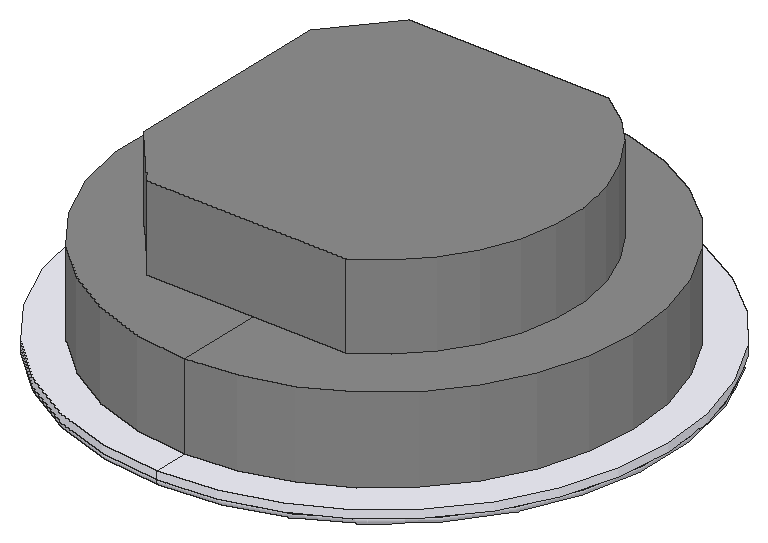
Revit family "BL2 FP Sans hôte", category Dispositifs d'éclairage, Revit 2019
Family settings
  Conserver l'orientation des annotations = Non
  Cote de connecteur circulaire = Utiliser le diamètre
  Type d'élément = Normal
  Basée sur le plan de construction = Oui
  Toujours verticalement = Oui
  Couper avec des vides une fois chargée = Non
  Partagée = Non
  Point de calcul de pièce = Non
Parameters (values of type "BL2 FP réf 93317")
  Portée frontale [instance] = Position en hauteur * 1.92  # 480 cm
  Portée de biais [instance] = Position en hauteur * 3.2  # 800 cm
  Hauteur de montage max préconisée [instance] = Hauteur de montage max  # 300 cm
  Hauteur de montage max = 300 cm
  Activitée assise [instance] = Position en hauteur * 1.28  # 320 cm
  Zone de detection [instance] = no
  URL = "http://www.luxomat.com"
  Type de Sortie = "TOR"
  Température ambiante = "-25°C at +50°C"
  Référence = "93317"
  Relais = "4.3 A"
  Position en hauteur [instance] = 250 cm
  Mode de pose = "Faux Plafond"
  Etiquette [instance] = yes
  Modèle = "BL2 FP"
  Marque = "LUXOMAT"
  Image du type = 360°.jpg
  IP = "20 ou 23"
  Fabricant = "B.E.G."
  Default Elevation = 0 cm
  Consommation = "0.30 W"
  Commentaires du type = "DET.MOUV.1 CONTACT.360°/Ø8M FAUX PLAFOND"
  Code d'assemblage = "D5010200"
  Classe = "II"
  Charge LED = "200 W"
  Charge Cos ɸ =1 = "1000 W"
  Charge Cos ɸ =0.5 = "500 VA"
  Zone assise [instance] = Position en hauteur < 300.1 cm  # yes
  Alimentation = "110-240 V AC"
Reference planes (cm)
  plane 1 "Centre (avant/arrière)": y = 0
  plane 2: z = 0
  plane 3 "Centre (gauche/droite)": x = 0
Dimensions and locks (cm)
  aligned and locked: level to plane 2
  aligned and locked: nested 3 to plane 3 "Centre (gauche/droite)"
  aligned and locked: nested 3 to plane 1 "Centre (avant/arrière)"
  aligned and locked: plane 3 "Centre (gauche/droite)" to nested 4
  aligned and locked: level to nested 4
  aligned and locked: plane 1 "Centre (avant/arrière)" to nested 4
Nested families (cm)
  nested 1: "Famille4" at (3.75, -61.4506, 0), visible <- "Etiquette", référence <- "Référence", modèle <- "Modèle", type "Famille4"
    with référence "93317", modèle "BL2 FP"
  nested 2: "Plafond 360° 2D" at (0, 0, 0), type "Plafond 360° 2D"
  nested 3: "zone BL2" at (0, 0, 0), visible <- "Zone de detection", activité assise <- "Activitée assise", biais <- "Portée de biais", frontal <- "Portée frontale", Zone assise <- "Zone assise", type "zone BL2"
    with position 2 192 cm, position 1 320 cm, frontal 480 cm, biais 800 cm, activité assise 320 cm, Zone assise yes
  nested 4: "Modèle BL2 FP" at (0, 0, 0), type "Standard"
Connectors (cm)
  electrical at (0, 0, 0)
    settings: index 1, voltage 230 V, apparent load 0 VA, apparent load phase1 0 VA, apparent load phase2 0 VA, apparent load phase3 0 VA, power factor 1, load classification "Eclairage", number of poles 1, system type 31, power factor state 1, is connector primary yes, connector utility no, sub classification motor no, connector description ""
Definition of nested family "Modèle BL2 FP"
  Parameters (values of type "Standard")
    d98 = 0 cm
    d106 = 0 cm
  Reference planes (cm)
    plane 1 "Centre (avant/arrière)": y = 0
    plane 2: z = 0
    plane 3 "Centre (gauche/droite)": x = 0
    plane 4: x = 0
  Forms (cm)
    Revolve 1, solid
      sketch origin (0, 0, 0) x (0, -1, 0) y (0, 0, -1)
        loop
          line (-4, 0.1124) -> (-4, 0) -> (0, 0) -> (0, 0.3938) -> (-2.25, 0.3938) -> (-3.9132, 0.2116)
          arc (-3.9132, 0.2116) -> (-3.9752, 0.1783) -> (-4, 0.1124) r 0.1
        axis (0, 0.3938) -> (0, 0)
      angle from 0 to 360
    Revolve 2, solid
      sketch origin (0, 0, 0) x (0, -1, 0) y (0, 0, -1)
        loop
          line (0, 0.3938) -> (0, 1.8938)
          arc (0, 1.8938) -> (-1.3614, 1.4983) -> (-2.25, 0.3938) r 2.3582
          line (-2.25, 0.3938) -> (0, 0.3938)
        axis (0, 1.8938) -> (0, 0.3938)
      angle from 0 to 360
    Revolve 3, solid
      sketch origin (0, 0, 0) x (0, -1, 0) y (0, 0, -1)
        loop
          line (0, 0) -> (-3.5, 0) -> (-3.5, -1.2) -> (0, -1.2) -> (0, 0)
        axis (0, 0) -> (0, -1.2)
      angle from 0 to 360
    Extrusion 4, solid
      sketch origin (0, 3.2, 1.7) x (1, 0, 0) y (0, 1, 0)
        loop
          line (-1.5, -5.5) -> (1.3, -5.5)
          arc (1.3, -5.5) -> (2.6338, -3.2) -> (1.3, -0.9) r 2.65
          line (1.3, -0.9) -> (-1.5, -0.9) -> (-2.2, -1.7342) -> (-2.2, -4.6658) -> (-1.5, -5.5)
      from -0.5 to 0.685
    Revolve 5, solid, not visible
      sketch origin (0, 0, 0) x (0, -1, 0) y (0, 0, 1)
        loop
          line (-4, 0.1124) -> (-4, 0) -> (0, 0) -> (0, 0.3938) -> (-2.25, 0.3938) -> (-3.9132, 0.2116)
          arc (-3.9132, 0.2116) -> (-3.9752, 0.1783) -> (-4, 0.1124) r 0.1
        axis (0, 0.3938) -> (0, 0)
      angle from 0 to 360
    Revolve 6, solid, not visible
      sketch origin (0, 0, 0) x (0, -1, 0) y (0, 0, 1)
        loop
          line (0, 0.3938) -> (0, 1.8938)
          arc (0, 1.8938) -> (-1.3614, 1.4983) -> (-2.25, 0.3938) r 2.3582
          line (-2.25, 0.3938) -> (0, 0.3938)
        axis (0, 1.8938) -> (0, 0.3938)
      angle from 0 to 360
    Revolve 7, solid, not visible
      sketch origin (0, 0, 0) x (0, -1, 0) y (0, 0, 1)
        loop
          line (0, 0) -> (-3.5, 0) -> (-3.5, -1.2) -> (0, -1.2) -> (0, 0)
        axis (0, 0) -> (0, -1.2)
      angle from 0 to 360
    Extrusion 8, solid, not visible
      sketch origin (0, 3.2, -1.7) x (0, 1, 0) y (1, 0, 0)
        loop
          line (-5.5, 1.5) -> (-5.5, -1.3)
          arc (-5.5, -1.3) -> (-3.2, -2.6338) -> (-0.9, -1.3) r 2.65
          line (-0.9, -1.3) -> (-0.9, 1.5) -> (-1.7342, 2.2) -> (-4.6658, 2.2) -> (-5.5, 1.5)
      from -0.5 to 0.685
  Cuts and joins
    joined: Revolve 3, Extrusion 4
  Lines and regions (cm)
    reference lines
      curve 1: line (0, 0, -0.6) -> (0, 0, 1.4186)
      curve 2: line (0, 0, -0.6) -> (0, 2.2, -0.6)
      curve 3: arc (0, 2.2, -0.6) -> (0, 3.1429, -0.5045) -> (0, 4, -0.1) r 2.8
      curve 4: line (0, 4, 0) -> (0, 4, -0.1)
      curve 5: line (0, 0, 0) -> (0, 4, 0)
      curve 6: arc (0, 0, -1.5) -> (0, 1.1885, -1.2663) -> (0, 2.2, -0.6) r 3.1389
      curve 7: line (0, 2.2, -0.6) -> (0, 0, -0.6)
      curve 8: line (0, 0, -0.6) -> (0, 0, -1.5)
      curve 9: line (0, 0, 1.7) -> (0, 0, 0)
      curve 10: line (0, 0, 0) -> (0, 3.2, 0)
      curve 11: line (0, 3.2, 0) -> (0, 3.2, 1.7)
      curve 12: line (0, 3.2, 1.7) -> (0, 0, 1.7)
      curve 13: line (0, 0, 0) -> (0, 0, 2.9479)
      curve 14: line (-1.5, -2.3, 1.7) -> (-2.2, -1.4658, 1.7)
      curve 15: line (-2.2, -1.4658, 1.7) -> (-2.2, 1.4658, 1.7)
      curve 16: line (-2.2, 1.4658, 1.7) -> (-1.5, 2.3, 1.7)
      curve 17: line (-1.5, 2.3, 1.7) -> (1.3, 2.3, 1.7)
      curve 18: arc (1.3, -2.3, 1.7) -> (2.6338, 0, 1.7) -> (1.3, 2.3, 1.7) r 2.65
      curve 19: line (-1.5, -2.3, 1.7) -> (1.3, -2.3, 1.7)
      curve 20: line (-0.4013, -0.3773, 2.385) -> (-0.4013, 2.3, 2.385)
      curve 21: line (-0.4013, 2.3, 2.385) -> (0.3987, 2.3, 2.385)
      curve 22: line (0.3987, 2.3, 2.385) -> (0.3987, 0.2597, 2.385)
      curve 23: line (1.2331, 0.2597, 2.385) -> (0.3987, 0.2597, 2.385)
      curve 24: line (1.2331, -2.3, 2.385) -> (1.2331, 0.2597, 2.385)
      curve 25: line (0.4331, -2.3, 2.385) -> (1.2331, -2.3, 2.385)
      curve 26: line (0.4331, -0.3773, 2.385) -> (0.4331, -2.3, 2.385)
      curve 27: line (0.4331, -0.3773, 2.385) -> (-0.4013, -0.3773, 2.385)
    reference lines, not visible
      curve 28: line (0, 0, 0.6) -> (0, 0, -1.4186)
      curve 29: line (0, 0, 0.6) -> (0, 2.2, 0.6)
      curve 30: arc (0, 2.2, 0.6) -> (0, 3.1429, 0.5045) -> (0, 4, 0.1) r 2.8
      curve 31: line (0, 4, 0) -> (0, 4, 0.1)
      curve 32: line (0, 0, 0) -> (0, 4, 0)
      curve 33: arc (0, 0, 1.5) -> (0, 1.1885, 1.2663) -> (0, 2.2, 0.6) r 3.1389
      curve 34: line (0, 2.2, 0.6) -> (0, 0, 0.6)
      curve 35: line (0, 0, 0.6) -> (0, 0, 1.5)
      curve 36: line (0, 0, -1.7) -> (0, 0, 0)
      curve 37: line (0, 0, 0) -> (0, 3.2, 0)
      curve 38: line (0, 3.2, 0) -> (0, 3.2, -1.7)
      curve 39: line (0, 3.2, -1.7) -> (0, 0, -1.7)
      curve 40: line (0, 0, 0) -> (0, 0, -2.9479)
      curve 41: line (1.5, -2.3, -1.7) -> (2.2, -1.4658, -1.7)
      curve 42: line (2.2, -1.4658, -1.7) -> (2.2, 1.4658, -1.7)
      curve 43: line (2.2, 1.4658, -1.7) -> (1.5, 2.3, -1.7)
      curve 44: line (1.5, 2.3, -1.7) -> (-1.3, 2.3, -1.7)
      curve 45: arc (-1.3, -2.3, -1.7) -> (-2.6338, 0, -1.7) -> (-1.3, 2.3, -1.7) r 2.65
      curve 46: line (1.5, -2.3, -1.7) -> (-1.3, -2.3, -1.7)
      curve 47: line (0.4013, -0.3773, -2.385) -> (0.4013, 2.3, -2.385)
      curve 48: line (0.4013, 2.3, -2.385) -> (-0.3987, 2.3, -2.385)
      curve 49: line (-0.3987, 2.3, -2.385) -> (-0.3987, 0.2597, -2.385)
      curve 50: line (-1.2331, 0.2597, -2.385) -> (-0.3987, 0.2597, -2.385)
      curve 51: line (-1.2331, -2.3, -2.385) -> (-1.2331, 0.2597, -2.385)
      curve 52: line (-0.4331, -2.3, -2.385) -> (-1.2331, -2.3, -2.385)
      curve 53: line (-0.4331, -0.3773, -2.385) -> (-0.4331, -2.3, -2.385)
      curve 54: line (-0.4331, -0.3773, -2.385) -> (0.4013, -0.3773, -2.385)
  Dimensions and locks (cm)
    aligned and locked: level to plane 2
    aligned and locked: Revolve 1 sketch curve to curve 4
    aligned and locked: Revolve 1 sketch curve to curve 5
    aligned and locked: curve 1 to Revolve 1 sketch curve
    aligned and locked: Revolve 3 sketch curve to curve 10
    aligned and locked: Revolve 3 sketch curve to curve 13
    aligned and locked: Extrusion 4 sketch curve to curve 14
    aligned and locked: Extrusion 4 sketch curve to curve 15
    aligned and locked: Extrusion 4 sketch curve to curve 16
    aligned and locked: Extrusion 4 sketch curve to curve 17
    aligned and locked: Extrusion 4 sketch curve to curve 18
    aligned and locked: Extrusion 4 sketch curve to curve 19
    aligned and locked: Revolve 3 to Extrusion 4
    aligned and locked: Revolve 5 sketch curve to curve 31
    aligned and locked: Revolve 5 sketch curve to curve 32
    aligned and locked: curve 28 to Revolve 5 sketch curve
    aligned and locked: Revolve 7 sketch curve to curve 37
    aligned and locked: Revolve 7 sketch curve to curve 40
    aligned and locked: Extrusion 8 sketch curve to curve 41
    aligned and locked: Extrusion 8 sketch curve to curve 42
    aligned and locked: Extrusion 8 sketch curve to curve 43
    aligned and locked: Extrusion 8 sketch curve to curve 44
    aligned and locked: Extrusion 8 sketch curve to curve 45
    aligned and locked: Extrusion 8 sketch curve to curve 46
Definition of nested family "Famille4"
  Parameters (values of type "Famille4")
    référence [instance] = ""
    modèle [instance] = ""
  Reference planes (cm)
    plane 1: y = 0
    plane 2: x = 0
  Text (cm)
    label "référence\nmodèle" at (-0.0547, 0.0091, 0), shows "référence", "modèle"
Definition of nested family "Plafond 360° 2D"
  Reference planes (cm)
    plane 1: y = 0
    plane 2: x = 0
  Lines and regions (cm)
    Filled region 1, type "rouge"
      outline origin (0, 0, 0) x (1, 0, 0) y (0, 1, 0)
        loop
          circle (0, 0) r 0.0294
    detail lines
      curve 1: arc (-0.1732, 0.1, 0) -> (-0.2, 0, 0) -> (-0.1732, -0.1, 0) r 0.2
      curve 2: arc (-0.1, -0.1732, 0) -> (0, -0.2, 0) -> (0.1, -0.1732, 0) r 0.2
      curve 3: arc (0.1732, -0.1, 0) -> (0.2, 0, 0) -> (0.1732, 0.1, 0) r 0.2
      curve 4: arc (0.1, 0.1732, 0) -> (0, 0.2, 0) -> (-0.1, 0.1732, 0) r 0.2
      curve 5: arc (-0.1375, 0.0794, 0) -> (-0.1588, 0, 0) -> (-0.1375, -0.0794, 0) r 0.1588
      curve 6: arc (-0.0794, -0.1375, 0) -> (0, -0.1588, 0) -> (0.0794, -0.1375, 0) r 0.1588
      curve 7: arc (0.1375, -0.0794, 0) -> (0.1588, 0, 0) -> (0.1375, 0.0794, 0) r 0.1588
      curve 8: arc (0.0794, 0.1375, 0) -> (0, 0.1588, 0) -> (-0.0794, 0.1375, 0) r 0.1588
      curve 9: arc (-0.1019, 0.0588, 0) -> (-0.1176, 0, 0) -> (-0.1019, -0.0588, 0) r 0.1176
      curve 10: arc (-0.0588, -0.1019, 0) -> (0, -0.1176, 0) -> (0.0588, -0.1019, 0) r 0.1176
      curve 11: arc (0.1019, -0.0588, 0) -> (0.1176, 0, 0) -> (0.1019, 0.0588, 0) r 0.1176
      curve 12: arc (0.0588, 0.1019, 0) -> (0, 0.1176, 0) -> (-0.0588, 0.1019, 0) r 0.1176
      curve 13: arc (-0.0294, 0, 0) -> (0, -0.0294, 0) -> (0.0294, 0, 0) r 0.0294
      curve 14: arc (0.0294, 0, 0) -> (0, 0.0294, 0) -> (-0.0294, 0, 0) r 0.0294
Definition of nested family "zone BL2"
  Parameters (values of type "zone BL2")
    position 2 [instance] = (frontal / 2) * 0.8  # 192 cm
    position 1 [instance] = ((biais / 2) + (frontal / 2)) / 2  # 320 cm
    frontal [instance] = 480 cm
    biais [instance] = 800 cm
    activité assise [instance] = 320 cm
    Zone assise [instance] = yes
  Reference planes (cm)
    plane 1 "Centre (avant/arrière)": y = 0
    plane 2: z = 0
    plane 3 "Centre (gauche/droite)": x = 0
    plane 4: x = -320
    plane 5: y = -192
  Lines and regions (cm)
    detail lines, in view "Niveau de réf.", visible <- "Zone assise"
      curve 1: circle (0, 0, 0) r 160 normal (0, 0, 1)
      curve 16: spline (-100.1609, 35.3835, 0) -> (-99.2494, 35.2529, 0) -> (-98.3931, 34.8281, 0) -> (-97.6502, 34.138, 0) -> (-97.0714, 33.2297, 0) -> (-96.6961, 32.165, 0) -> (-96.55, 31.0166, 0) -> (-96.643, 29.8626, 0) -> (-96.9687, 28.7818, 0) -> (-97.5049, 27.8477, 0) -> (-98.2152, 27.1241, 0) -> (-99.051, 26.6602, 0) -> (-99.9555, 26.4877, 0) -> (-100.867, 26.6183, 0) -> (-101.7234, 27.0431, 0) -> (-102.4663, 27.7332, 0) -> (-103.0451, 28.6415, 0) -> (-103.4203, 29.7062, 0) -> (-103.5664, 30.8546, 0) -> (-103.4735, 32.0085, 0) -> (-103.1478, 33.0894, 0) -> (-102.6115, 34.0234, 0) -> (-101.9013, 34.7471, 0) -> (-101.0654, 35.211, 0) -> (-100.1609, 35.3835, 0)
      curve 17: line (-100, 26, 0) -> (-100, 0, 0)
      curve 18: line (-100, 0, 0) -> (-83, 0, 0)
      curve 19: line (-83, 0, 0) -> (-83, -21, 0)
      curve 20: line (-100, 22.2972, 0) -> (-87.1203, 15.4489, 0)
      curve 21: line (-110.5298, 20.3537, 0) -> (-105.6439, -2.6328, 0)
      curve 22: line (-105.6439, -2.6328, 0) -> (-85.0082, -2.6328, 0)
      curve 23: line (-90.8164, -2.6328, 0) -> (-90.8164, -21, 0)
      curve 24: line (-102.3261, -2.6328, 0) -> (-102.3261, -21, 0)
      curve 34: line (-90.8164, 8.5, 0) -> (-64.3164, 8.5, 0)
      curve 35: line (-75.5, -21, 0) -> (-75.5, 8.5, 0)
      curve 36: line (-69, -21, 0) -> (-69, 8.5, 0)
    detail lines, in view "Niveau de réf."
      curve 2: circle (0, 0, 0) r 240 normal (0, 0, 1)
      curve 3: circle (0, 0, 0) r 400 normal (0, 0, 1)
      curve 4: line (-320, -41.4725, 0) -> (-320, 41.4725, 0)
      curve 5: line (-320, 41.4725, 0) -> (-342.1638, 13.1041, 0)
      curve 6: line (-320, 41.4725, 0) -> (-297.8362, 13.1041, 0)
      curve 10: line (0, -225.6316, 0) -> (0, -163.6316, 0)
      curve 11: line (0, -163.6316, 0) -> (-22.1638, -192, 0)
      curve 12: line (0, -163.6316, 0) -> (22.1638, -192, 0)
    detail lines, in view "Niveau de réf.", not visible
      curve 7: line (628.0656, -64.277, 0) -> (628.0656, 18.6681, 0)
      curve 8: line (628.0656, 18.6681, 0) -> (605.9018, -9.7003, 0)
      curve 9: line (628.0656, 18.6681, 0) -> (650.2294, -9.7003, 0)
      curve 13: line (628.0656, -43.3319, 0) -> (628.0656, 18.6681, 0)
      curve 14: line (628.0656, 18.6681, 0) -> (605.9018, -9.7003, 0)
      curve 15: line (628.0656, 18.6681, 0) -> (650.2294, -9.7003, 0)
    detail lines, in view "Niveau de réf.", visible <- "Zone assise", not visible
      curve 25: spline (932.3619, 15.8637, 0) -> (933.2734, 15.7331, 0) -> (934.1297, 15.3083, 0) -> (934.8726, 14.6182, 0) -> (935.4514, 13.7099, 0) -> (935.8267, 12.6452, 0) -> (935.9728, 11.4968, 0) -> (935.8798, 10.3428, 0) -> (935.5541, 9.262, 0) -> (935.0179, 8.3279, 0) -> (934.3076, 7.6043, 0) -> (933.4718, 7.1404, 0) -> (932.5673, 6.9679, 0) -> (931.6558, 7.0985, 0) -> (930.7994, 7.5233, 0) -> (930.0565, 8.2134, 0) -> (929.4777, 9.1217, 0) -> (929.1025, 10.1864, 0) -> (928.9564, 11.3348, 0) -> (929.0493, 12.4888, 0) -> (929.375, 13.5696, 0) -> (929.9113, 14.5037, 0) -> (930.6215, 15.2273, 0) -> (931.4574, 15.6912, 0) -> (932.3619, 15.8637, 0)
      curve 26: line (932.5228, 6.4802, 0) -> (932.5228, -19.5198, 0)
      curve 27: line (932.5228, -19.5198, 0) -> (949.5228, -19.5198, 0)
      curve 28: line (949.5228, -19.5198, 0) -> (949.5228, -40.5198, 0)
      curve 29: line (932.5228, 2.7774, 0) -> (945.4025, -4.0709, 0)
      curve 30: line (921.993, 0.8339, 0) -> (926.8789, -22.1526, 0)
      curve 31: line (926.8789, -22.1526, 0) -> (947.5146, -22.1526, 0)
      curve 32: line (941.7064, -22.1526, 0) -> (941.7064, -40.5198, 0)
      curve 33: line (930.1967, -22.1526, 0) -> (930.1967, -40.5198, 0)
      curve 37: line (941.7064, -11.0198, 0) -> (968.2064, -11.0198, 0)
      curve 38: line (957.0228, -40.5198, 0) -> (957.0228, -11.0198, 0)
      curve 39: line (963.5228, -40.5198, 0) -> (963.5228, -11.0198, 0)
  Dimensions and locks (cm)
    "position 1": plane 4 to plane 3 "Centre (gauche/droite)"
    "position 2": plane 5 to plane 1 "Centre (avant/arrière)"
    "activité assise": diameter of curve 1
    "biais": diameter of curve 3
    "frontal": diameter of curve 2
    aligned and locked: plane 4 to curve 4
    aligned and locked: plane 1 "Centre (avant/arrière)" to curve 18
    aligned and locked: curve 10 to plane 3 "Centre (gauche/droite)"
    aligned and locked: plane 5 to curve 12
  Automatic sketch dimensions
    curve 5 to curve 5 = 22.1638 cm
    curve 4 to curve 6 = 22.1638 cm
    curve 6 to curve 5 = 28.3684 cm
    curve 5 to curve 5 = 28.3684 cm
    curve 4 to curve 5 = 54.5767 cm
    curve 8 to curve 8 = 22.1638 cm
    curve 7 to curve 9 = 22.1638 cm
    curve 9 to curve 8 = 28.3684 cm
    curve 8 to curve 8 = 28.3684 cm
    curve 7 to curve 8 = 54.5767 cm
    curve 21 to curve 17 = 5.6439 cm
    curve 17 to curve 19 = 17 cm
    curve 22 to curve 19 = 2.6328 cm
    curve 21 to curve 20 = 10.5298 cm
    curve 21 to curve 24 = 3.3178 cm
    curve 16 to curve 17 = 0.1609 cm
    curve 16 to curve 16 = 0.1027 cm
    curve 23 to curve 18 = 7.8164 cm
    curve 34 to curve 23 = 0 cm
    curve 34 to curve 20 = 3.6961 cm
    curve 22 to curve 18 = 2.0082 cm
    curve 19 to curve 35 = 7.5 cm
    curve 35 to curve 36 = 6.5 cm
    curve 36 to curve 34 = 4.6836 cm
    curve 35 to curve 22 = 18.3672 cm
    curve 23 to curve 35 = 0 cm
    curve 19 to curve 35 = 0 cm
    curve 35 to curve 36 = 0 cm
    curve 24 to curve 23 = 0 cm
    curve 18 to curve 36 = 8.5 cm
    curve 34 to curve 20 = 6.9489 cm
    curve 17 to curve 21 = 20.3537 cm
    curve 21 to curve 20 = 1.9435 cm
    curve 20 to curve 17 = 3.7028 cm
    curve 17 to curve 16 = 4.9356 cm
    curve 30 to curve 26 = 5.6439 cm
    curve 26 to curve 28 = 17 cm
    curve 31 to curve 28 = 2.6328 cm
    curve 30 to curve 29 = 10.5298 cm
    curve 30 to curve 33 = 3.3178 cm
    curve 25 to curve 26 = 0.1609 cm
    curve 25 to curve 25 = 0.1027 cm
    curve 32 to curve 27 = 7.8164 cm
    curve 37 to curve 32 = 0 cm
    curve 37 to curve 29 = 3.6961 cm
    curve 31 to curve 27 = 2.0082 cm
    curve 28 to curve 38 = 7.5 cm
    curve 38 to curve 39 = 6.5 cm
    curve 39 to curve 37 = 4.6836 cm
    curve 38 to curve 31 = 18.3672 cm
    curve 32 to curve 38 = 0 cm
    curve 28 to curve 38 = 0 cm
    curve 38 to curve 39 = 0 cm
    curve 33 to curve 32 = 0 cm
    curve 27 to curve 39 = 8.5 cm
    curve 37 to curve 29 = 6.9489 cm
    curve 26 to curve 30 = 20.3537 cm
    curve 30 to curve 29 = 1.9435 cm
    curve 29 to curve 26 = 3.7028 cm
    curve 26 to curve 25 = 4.9356 cm
    curve 11 to curve 10 = 22.1638 cm
    curve 10 to curve 12 = 22.1638 cm
    curve 12 to curve 10 = 28.3684 cm
    curve 11 to curve 10 = 28.3684 cm
    curve 10 to curve 11 = 33.6316 cm
    curve 14 to curve 13 = 22.1638 cm
    curve 13 to curve 15 = 22.1638 cm
    curve 15 to curve 13 = 28.3684 cm
    curve 14 to curve 13 = 28.3684 cm
    curve 13 to curve 14 = 33.6316 cm
    curve 1 to curve 2 = 0 cm  (x2)
    curve 1 to curve 3 = 0 cm  (x2)
    curve 2 to curve 3 = 0 cm  (x2)
    plane 1 "Centre (avant/arrière)" to curve 2 = 0 cm
    curve 2 to plane 3 "Centre (gauche/droite)" = 0 cm
